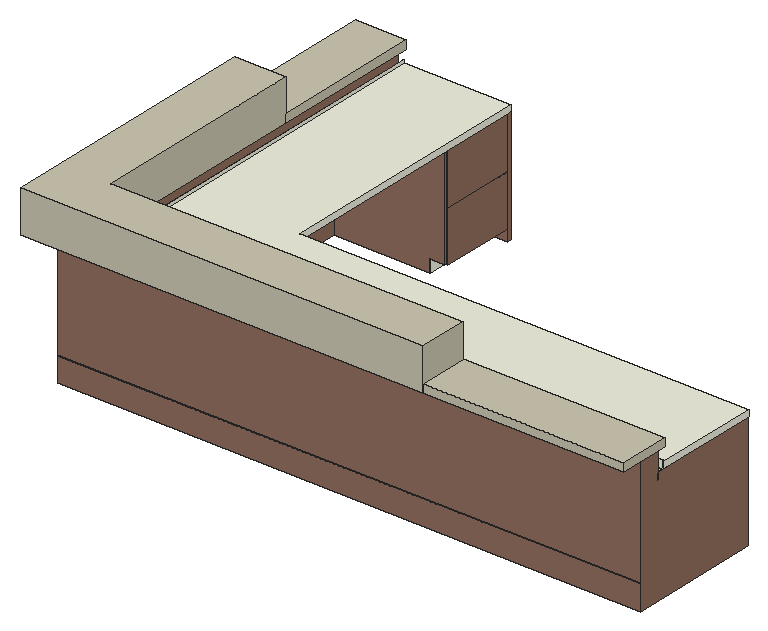
Revit family
Parameters
  Worksurface Top [instance] = Metal_StainlessSteel
  Wood Face (Casing) [instance] = Wood_Walnut (Reception Desk)
  Transaction Top [instance] = Stone_Limestone
  Reveal Ht. = 0' - 0 1/8"
  Length [instance] = 11' - 5"
  Depth [instance] = 7' - 9"
  Brackets = Metal_StainlessSteel
  Base Finish [instance] = Metal_StainlessSteel
Reference planes (in)
  plane 1: z = 0
  plane 2: y = -65
  plane 3: x = -60
  plane 4: y = -35
  plane 5: x = 77
  plane 6: x = 29
  plane 7: x = -30
  plane 8: y = -8
  plane 9: y = 28
  plane 10: z = 34
  plane 11: z = 42
  plane 12 "Reveal": z = 6
  plane 13: z = 38
  plane 14: z = 32
  plane 15: x = -55
  plane 16: y = -60
  plane 17: y = -72
  plane 18: x = -67
  plane 19: y = -55
  plane 20: x = -62
  plane 21: x = -57
  plane 22: y = -67
  plane 23: y = -62
  plane 24: x = 47
  plane 25: x = 76
  plane 26: y = 27
  plane 27: z = 29
  plane 28 "Grommet": z = 27.5
  plane 29: y = -60.5
  plane 30: x = -55.5
  plane 31: y = 9
Forms (in)
  Extrusion 1, solid, material "Stone_Limestone" <- "Transaction Top"
    sketch origin (0, 0, 0) x (1, 0, 0) y (0, 1, 0)
      loop
        line (29, -60) -> (29, -72) -> (77, -72) -> (77, -60) -> (29, -60)
      loop
        line (-67, -8) -> (-55, -8) -> (-55, 28) -> (-67, 28) -> (-67, -8)
    from 32 to 34
  Extrusion 2, solid, material "Stone_Limestone" <- "Transaction Top"
    sketch origin (0, 0, 0) x (1, 0, 0) y (0, 1, 0)
      loop
        line (-67, -8) -> (-67, -72) -> (29, -72) -> (29, -60) -> (-55, -60) -> (-55, -8) -> (-67, -8)
    from 32 to 42
  Extrusion 3, solid, material "Metal_StainlessSteel" <- "Worksurface Top"
    sketch origin (0, 0, 0) x (1, 0, 0) y (0, 1, 0)
      loop
        line (-30, 28) -> (-55.5, 28) -> (-55.5, -60.5) -> (77, -60.5) -> (77, -35) -> (-30, -35) -> (-30, 28)
    from 27.5 to 29
  Extrusion 4, solid, material "Wood_Walnut (Reception Desk)" <- "Wood Face (Casing)"
    sketch origin (0, 0, 0) x (1, 0, 0) y (0, 1, 0)
      loop
        line (-62, 28) -> (-62, -67) -> (77, -67) -> (77, -62) -> (-57, -62) -> (-57, 28) -> (-62, 28)
    from 0 to 32
  Sweep 5, void
    path origin (0, 0, 6) x (-1, 0, 0) y (0, -1, 0)
      loop
        line (-77, 67) -> (62, 67) -> (62, -28)
    profile origin (7.5, -67, 6) x (0, -1, 0) y (0, 0, 1)
      loop
        line (0, 0) -> (-0.125, 0) -> (-0.125, -0.125) -> (0, -0.125) -> (0, 0)
  Extrusion 6, solid, material "Wood_Walnut (Reception Desk)" <- "Wood Face (Casing)"
    sketch origin (0, 0, 6) x (-1, 0, 0) y (0, -1, 0)
      loop
        line (30, -27) -> (30, -28) -> (57, -28) -> (57, -27) -> (30, -27)
      loop
        line (-76, 35) -> (-76, 62) -> (-77, 62) -> (-77, 35) -> (-76, 35)
    from -6 to 21.5
  Sweep 7, solid, material "Metal_StainlessSteel" <- "Brackets"
    path origin (0, 0, 27.5) x (-1, 0, 0) y (0, -1, 0)
      loop
        line (-77, 62) -> (57, 62) -> (57, -28)
    profile origin (10, -62, 27.5) x (0, -1, 0) y (0, 0, 1)
      loop
        line (0, -1.5) -> (0, 0.125) -> (-1.375, 0.125) -> (-1.375, 2) -> (-1.5, 2) -> (-1.5, 0) -> (-0.125, 0) -> (-0.125, -1.5) -> (0, -1.5)
Cuts and joins
  Sweep 5 cuts Extrusion 4
  joined: Extrusion 4, Extrusion 6
Dimensions and locks (in)
  locked: plane 3 to plane 7 at 30
  locked: plane 2 to plane 4 at 30
  "Depth": plane 2 to plane 9
  "Length": plane 3 to plane 5
  locked: plane 2 to plane 8 at 57
  locked: plane 3 to plane 6 at 89
  plane 17 to plane 2 to plane 16 = 0' - 7" locked, 0' - 5" locked
  plane 18 to plane 3 to plane 15 = 0' - 7" locked, 0' - 5" locked
  locked: plane 19 to plane 16 at 5
  plane 18 to plane 20 to plane 21 = 0' - 5" locked, 0' - 5" locked
  plane 23 to plane 22 to plane 17 = 0' - 5" locked, 0' - 5" locked
  "Reveal Ht.": profile plane to Sweep 5 sketch curve
  "Reveal Ht.": Sweep 5 sketch curve to profile plane
  locked: plane 25 to plane 5 at 1
  locked: plane 26 to plane 9 at 1
  plane 11 to plane 13 to plane 10 to plane 14 to plane 27 to plane 28 "Grommet" to level = 0' - 4" locked, 0' - 4" locked, 0' - 2" locked, 0' - 3" locked, 0' - 1 1/2" locked, 2' - 3 1/2" locked
  Sweep 7 sketch curve to Sweep 7 sketch curve to plane 23 = 0' - 0 1/8" locked, 0' - 1 3/8" locked
  Sweep 7 sketch curve to profile plane to Sweep 7 sketch curve to Sweep 7 sketch curve = 0' - 1 1/2" locked, 0' - 0 1/8" locked, 0' - 1 7/8" locked
  locked: plane 31 to plane 26 at 18
  locked: plane 6 to plane 24 at 18
  aligned and locked: Extrusion 1 to plane 10
  aligned and locked: Extrusion 1 to plane 14
  aligned and locked: Extrusion 2 to plane 11
  aligned and locked: Extrusion 2 to plane 14
  aligned and locked: Extrusion 4 to plane 14
  aligned and locked: Extrusion 4 to level
  aligned and locked: Extrusion 6 to level
  aligned and locked: nested 1 to plane 24
  aligned and locked: nested 1 to plane 4
  aligned and locked: nested 2 to plane 25
  aligned and locked: nested 2 to plane 24
  aligned and locked: Extrusion 3 to plane 27
  aligned and locked: Extrusion 3 to plane 28 "Grommet"
  aligned and locked: Extrusion 6 to plane 28 "Grommet"
  aligned and locked: Sweep 7 sketch curve to plane 28 "Grommet"
  aligned and locked: plane 23 to Sweep 7 sketch curve
  aligned and locked: Extrusion 3 to plane 30
  aligned and locked: plane 29 to Extrusion 3
  aligned and locked: plane 26 to nested 3
  aligned and locked: plane 31 to nested 3
Automatic sketch dimensions
  Extrusion 1 sketch curve to plane 9 = 0' - 0"
  Extrusion 1 sketch curve to plane 18 = 0' - 0"
  Extrusion 1 sketch curve to plane 15 = 0' - 0"
  Extrusion 1 sketch curve to plane 6 = 0' - 0"
  Extrusion 1 sketch curve to plane 5 = 0' - 0"
  Extrusion 1 sketch curve to plane 17 = 0' - 0"
  Extrusion 1 sketch curve to plane 16 = 0' - 0"
  Extrusion 1 sketch curve to plane 8 = 0' - 0"
  Extrusion 2 sketch curve to plane 8 = 0' - 0"
  Extrusion 2 sketch curve to plane 18 = 0' - 0"
  Extrusion 2 sketch curve to plane 15 = 0' - 0"
  Extrusion 2 sketch curve to plane 6 = 0' - 0"
  Extrusion 2 sketch curve to plane 17 = 0' - 0"
  Extrusion 2 sketch curve to plane 16 = 0' - 0"
  Extrusion 3 sketch curve to plane 15 = 0' - 0 1/2"
  Extrusion 3 sketch curve to plane 4 = 0' - 0"
  Extrusion 3 sketch curve to plane 7 = 0' - 0"
  Extrusion 3 sketch curve to plane 5 = 0' - 0"
  plane 16 to Extrusion 3 sketch curve = 0' - 0 1/2"
  Extrusion 3 sketch curve to plane 9 = 0' - 0"
  Extrusion 4 sketch curve to plane 20 = 0' - 0"
  Extrusion 4 sketch curve to plane 21 = 0' - 0"
  Extrusion 4 sketch curve to plane 5 = 0' - 0"
  Extrusion 4 sketch curve to plane 22 = 0' - 0"
  Extrusion 4 sketch curve to plane 23 = 0' - 0"
  Extrusion 4 sketch curve to plane 9 = 0' - 0"
  Sweep 5 sketch curve to plane 20 = 0' - 0"
  Sweep 5 sketch curve to plane 9 = 0' - 0"
  Sweep 5 sketch curve to plane 22 = 0' - 0"
  Sweep 5 sketch curve to plane 5 = 0' - 0"
  Sweep 5 sketch curve to plane 12 "Reveal" = 0' - 0"
  Sweep 5 sketch curve to profile plane = 0' - 0"
  Extrusion 6 sketch curve to plane 4 = 0' - 0"
  Extrusion 6 sketch curve to plane 5 = 0' - 0"
  Extrusion 6 sketch curve to plane 23 = 0' - 0"
  Extrusion 6 sketch curve to plane 25 = 0' - 0"
  Extrusion 6 sketch curve to plane 7 = 0' - 0"
  Extrusion 6 sketch curve to plane 9 = 0' - 0"
  Extrusion 6 sketch curve to plane 21 = 0' - 0"
  Extrusion 6 sketch curve to plane 26 = 0' - 0"
  profile plane to Sweep 7 sketch curve = 0' - 0 1/8"
  Sweep 7 sketch curve to plane 5 = 0' - 0"
  Sweep 7 sketch curve to plane 21 = 0' - 0"
  Sweep 7 sketch curve to plane 9 = 0' - 0"
  Sweep 7 sketch curve to plane 23 = 0' - 0"
Nested families (in)
  nested 1: "Base Cabinet - Two Drawer" at (38.7377, -62, 0) x (-1, 0, 0) z (0, 0, 1), type "Base Cabinet - Two Drawer"
    with built-in parameter 1001301 1' - 6", built-in parameter 1001300 2' - 3 1/2", Drawer Two Handle Visibility no, Drawer One Handle Visibility no, Drawer Cut yes, built-in parameter 1010003 2' - 3", Toe Height 0' - 3", Drawer One Height 1' - 0 1/4"
  nested 2: "Base Cabinet - Two Drawer" at (62.2377, -62, 0) x (-1, 0, 0) z (0, 0, 1), type "Base Cabinet - Two Drawer"
    with built-in parameter 1001301 2' - 5", built-in parameter 1001300 2' - 3 1/2", Drawer Two Handle Visibility no, Drawer One Handle Visibility no, Drawer Cut yes, built-in parameter 1010003 2' - 3", Toe Height 0' - 3", Drawer One Height 1' - 0 1/4"
  nested 3: "Base Cabinet - Two Drawer" at (-57, 17.2623, 0) x (0, 1, 0) z (0, 0, 1), type "Base Cabinet - Two Drawer"
    with built-in parameter 1001301 1' - 6", built-in parameter 1001300 2' - 3 1/2", Drawer Two Handle Visibility no, Drawer One Handle Visibility no, Drawer Cut yes, built-in parameter 1010003 2' - 3", Toe Height 0' - 3", Drawer One Height 1' - 0 1/4"
Definition of nested family "Base Cabinet - Two Drawer"
  Parameters
    Width [instance] = 1' - 8"
    URL = "www.revitcomponents.com"
    Toe Height = 0' - 6"
    Toe Depth = 0' - 4"
    Source = "www.revitcomponents.com"
    Model = ""
    Kick Plate (Base) = none
    Height [instance] = 2' - 10"
    Drawer One Handle Visibility [instance] = yes
    Handle Finish = none
    Drawer One Height = 1' - 2"
    Drawer Cut [instance] = yes
    Drawer Two Handle Visibility [instance] = yes
    Depth [instance] = 2' - 0"
    Cabinet Framing = none
    Cabinet Face Thickness = 0' - 0 1/2"
    Cabinet Face = none
  Reference planes (in)
    plane 1 "Back": y = 0
    plane 2: z = 0
    plane 3 "Center (Left/Right)": x = 0.7377
    plane 4 "Left": x = -9.2623
    plane 5 "Right": x = 10.7377
    plane 6 "Front": y = -24
    plane 7 "Top": z = 34
    plane 8: z = 6
    plane 9: y = -19.9375
    plane 10: z = 33.875
    plane 11: z = 33.25
    plane 12: x = -8.7623
    plane 13: x = 10.2377
    plane 14: z = 6.5
    plane 15: y = -23.5
    plane 16: y = -20
    plane 17: y = -0.75
    plane 18: y = -1
    plane 19: y = -2.5
    plane 20: y = -18.4375
    plane 21 "L handle": x = -7.7623
    plane 22 "R handle": x = 9.2377
    plane 23 "handle center": z = 32.375
    plane 24: x = -6.7623
    plane 25: x = 8.2377
    plane 26 "handle center (F/B)": y = -25.25
    plane 27: z = 20
    plane 28: z = 20.0625
    plane 29: z = 19.9375
    plane 30: z = 18.4375
    plane 31: x = -9.1998
    plane 32: x = 10.6752
  Forms (in)
    Extrusion 1, solid, material <- "Cabinet Framing"
      sketch origin (-9.2623, 0, 0) x (0, -1, 0) y (0, 0, 1)
        loop
          line (0, 0) -> (19.9375, 0) -> (19.9375, 6) -> (23.5, 6) -> (23.5, 34) -> (0, 34) -> (0, 0)
      from -0.5 to 0
    Extrusion 2, solid, material <- "Cabinet Framing"
      sketch origin (10.7377, 0, 0) x (0, -1, 0) y (0, 0, -1)
        loop
          line (0, 0) -> (0, -34) -> (23.5, -34) -> (23.5, -6) -> (19.9375, -6) -> (19.9375, 0) -> (0, 0)
      from -0.5 to 0
    Extrusion 3, solid, material <- "Kick Plate (Base)"
      sketch origin (-9.2623, 0, 0) x (0, -1, 0) y (0, 0, 1)
        loop
          line (20, 0) -> (20, 6) -> (19.9375, 6) -> (19.9375, 0) -> (20, 0)
      from -20 to 0
    Extrusion 4, solid, material <- "Cabinet Framing"
      sketch origin (-9.2623, 0, 0) x (0, -1, 0) y (0, 0, 1)
        loop
          line (0.75, 0) -> (0.75, 8) -> (0, 8) -> (0, 0) -> (0.75, 0)
        loop
          line (0, 34) -> (0, 30) -> (0.75, 30) -> (0.75, 34) -> (0, 34)
        loop
          line (1, 33.25) -> (4, 33.25) -> (4, 34) -> (1, 34) -> (1, 33.25)
        loop
          line (2.5, 0) -> (2.5, 6) -> (1, 6) -> (1, 0) -> (2.5, 0)
        loop
          line (19.9375, 0) -> (19.9375, 6) -> (18.4375, 6) -> (18.4375, 0) -> (19.9375, 0)
        loop
          line (23.5, 34) -> (22.50126, 34) -> (22.50126, 33.25) -> (23.5, 33.25) -> (23.5, 34)
      from -19.5 to -0.5
    Extrusion 5, solid, material <- "Cabinet Framing"
      sketch origin (-9.2623, 0, 0) x (0, -1, 0) y (0, 0, 1)
        loop
          line (1, 0) -> (1, 34) -> (0.75, 34) -> (0.75, 0) -> (1, 0)
      from -19.5 to -0.5
    Extrusion 6, solid, material <- "Cabinet Face"
      sketch origin (0, -24, 0) x (1, 0, 0) y (0, 0, 1)
        loop
          line (-9.1998, 20.0625) -> (10.6752, 20.0625) -> (10.6752, 33.875) -> (-9.1998, 33.875) -> (-9.1998, 20.0625)
      from -0.5 to 0
    Extrusion 7, solid, material <- "Cabinet Face"
      sketch origin (-9.2623, 0, 0) x (0, -1, 0) y (0, 0, 1)
        loop
          line (23.5, 6) -> (23.5, 6.5) -> (1, 6.5) -> (1, 6) -> (23.5, 6)
      from -19.5 to -0.5
    Sweep 8, solid, material <- "Handle Finish", visible <- "Drawer One Handle Visibility"
      path origin (0, -25.25, 0) x (0, 0, -1) y (-1, 0, 0)
        loop
          line (-32.375, -9.2377) -> (-32.375, 7.7623)
      profile origin (0.7377, -25.25, 32.375) x (0, 0, 1) y (0, 1, 0)
        loop
          circle (0, 0) r 0.25
    Extrusion 9, solid, material <- "Handle Finish", visible <- "Drawer One Handle Visibility"
      sketch origin (-7.7623, 0, 0) x (0, 0, -1) y (0, -1, 0)
        loop
          line (-32.59375, 24) -> (-32.15625, 24) -> (-32.15625, 25.25) -> (-32.59375, 25.25) -> (-32.59375, 24)
      from -1 to 0
    Extrusion 10, solid, material <- "Handle Finish", visible <- "Drawer One Handle Visibility"
      sketch origin (9.2377, 0, 0) x (0, 0, -1) y (0, 1, 0)
        loop
          line (-32.59375, -24) -> (-32.59375, -25.25) -> (-32.15625, -25.25) -> (-32.15625, -24) -> (-32.59375, -24)
      from -1 to 0
    Extrusion 11, solid, material <- "Cabinet Face"
      sketch origin (0, -24, 56) x (1, 0, 0) y (0, 0, 1)
        loop
          line (-9.1998, -36.0625) -> (-9.1998, -50) -> (10.6752, -50) -> (10.6752, -36.0625) -> (-9.1998, -36.0625)
      from -0.5 to 0
    Sweep 12, solid, material <- "Handle Finish", visible <- "Drawer Two Handle Visibility"
      path origin (0, -25.25, -5.9375) x (0, 0, -1) y (-1, 0, 0)
        loop
          line (-24.375, -9.2377) -> (-24.375, 7.7623)
      profile origin (0.7377, -25.25, 18.4375) x (0, 0, 1) y (0, 1, 0)
        loop
          circle (0, 0) r 0.25
    Extrusion 13, solid, material <- "Handle Finish", visible <- "Drawer Two Handle Visibility"
      sketch origin (-7.7623, 0, -5.9375) x (0, 0, -1) y (0, -1, 0)
        loop
          line (-24.59375, 24) -> (-24.15625, 24) -> (-24.15625, 25.25) -> (-24.59375, 25.25) -> (-24.59375, 24)
      from -1 to 0
    Extrusion 14, solid, material <- "Handle Finish", visible <- "Drawer Two Handle Visibility"
      sketch origin (9.2377, 0, -5.9375) x (0, 0, -1) y (0, 1, 0)
        loop
          line (-24.59375, -24) -> (-24.59375, -25.25) -> (-24.15625, -25.25) -> (-24.15625, -24) -> (-24.59375, -24)
      from -1 to 0
  Cuts and joins
    joined: Extrusion 1, Extrusion 2, Extrusion 4
    joined: Sweep 8, Extrusion 9, Extrusion 10
    joined: Sweep 12, Extrusion 13, Extrusion 14
  Lines and regions (in)
    symbolic lines, style "Casework", visible <- "Drawer Cut"
      curve 1: line (0.7377, -23.5, 20.3125) -> (0.7377, -2.5, 20.3125)
      curve 2: line (0.7377, -2.5, 20.3125) -> (0.7377, -2.5, 32.375)
      curve 3: line (0.7377, -2.5, 32.375) -> (0.7377, -23.5, 32.375)
      curve 4: line (0.7377, -2.75, 32.375) -> (0.7377, -2.75, 20.5625)
      curve 5: line (0.7377, -2.75, 20.5625) -> (0.7377, -23.5, 20.5625)
      curve 6: line (0.7377, -23.5, 7) -> (0.7377, -2.5, 7)
      curve 7: line (0.7377, -2.5, 7) -> (0.7377, -2.5, 18.4375)
      curve 8: line (0.7377, -2.5, 18.4375) -> (0.7377, -23.5, 18.4375)
      curve 9: line (0.7377, -2.75, 18.4375) -> (0.7377, -2.75, 7.25)
      curve 10: line (0.7377, -2.75, 7.25) -> (0.7377, -23.5, 7.25)
  Dimensions and locks (in)
    "Depth": plane 6 "Front" to plane 1 "Back"
    "Width": plane 4 "Left" to plane 5 "Right"
    equal spacing: plane 4 "Left", plane 3 "Center (Left/Right)", plane 5 "Right"
    "Height": level to plane 7 "Top"
    "Toe Height": plane 8 to level
    "Cabinet Face Thickness": plane 15 to plane 6 "Front"
    locked: plane 4 "Left" to plane 12 at 0.5
    locked: plane 5 "Right" to plane 13 at 0.5
    locked: plane 14 to plane 8 at 0.5
    "Toe Depth": plane 16 to plane 6 "Front"
    locked: plane 9 to plane 16 at 0.0625
    locked: plane 8 to Extrusion 4 sketch curve at 2
    locked: plane 7 "Top" to Extrusion 4 sketch curve at 4
    locked: plane 18 to Extrusion 4 sketch curve at 3
    locked: Extrusion 4 sketch curve to plane 15 at 0.99874
    locked: plane 7 "Top" to plane 11 at 0.75
    locked: plane 7 "Top" to plane 10 at 0.125
    locked: plane 20 to plane 9 at 1.5
    locked: plane 18 to plane 19 at 1.5
    locked: plane 1 "Back" to plane 17 at 0.75
    locked: plane 17 to plane 18 at 0.25
    locked: plane 4 "Left" to plane 21 "L handle" at 1.5
    locked: plane 5 "Right" to plane 22 "R handle" at 1.5
    locked: plane 10 to plane 23 "handle center" at 1.5
    locked: plane 21 "L handle" to plane 24 at 1
    locked: plane 22 "R handle" to plane 25 at 1
    locked: plane 6 "Front" to plane 26 "handle center (F/B)" at 1.25
    Extrusion 9 sketch curve to plane 23 "handle center" to Extrusion 9 sketch curve = 0' - 0 7/32" locked, 0' - 0 7/32" locked
    Extrusion 10 sketch curve to Extrusion 10 sketch curve = 0' - 0 7/16"
    "Drawer One Height": plane 7 "Top" to plane 27
    plane 28 to plane 27 to plane 29 = 0' - 0 1/16" locked, 0' - 0 1/16" locked
    Extrusion 13 sketch curve to plane 30 to Extrusion 13 sketch curve = 0' - 0 7/32" locked, 0' - 0 7/32" locked
    Extrusion 14 sketch curve to Extrusion 14 sketch curve = 0' - 0 7/16"
    locked: plane 29 to plane 30 at 1.5
    locked: plane 28 to curve 1 at 0.25
    locked: curve 1 to curve 5 at 0.25
    locked: plane 19 to curve 4 at 0.25
    locked: plane 31 to plane 4 "Left" at 0.0625
    locked: plane 32 to plane 5 "Right" at 0.0625
    locked: curve 6 to curve 10 at 0.25
    locked: plane 19 to curve 9 at 0.25
    locked: curve 6 to plane 14 at 0.5
    plane 27 to plane 8 = 1' - 2"
    radius of Sweep 8 sketch curve = 0' - 0 1/4"
    radius of Sweep 12 sketch curve = 0' - 0 1/4"
    aligned and locked: level to Extrusion 1 sketch curve
    aligned and locked: plane 1 "Back" to Extrusion 1 sketch curve
    aligned and locked: plane 7 "Top" to Extrusion 1 sketch curve
    aligned and locked: plane 15 to Extrusion 1 sketch curve
    aligned and locked: plane 8 to Extrusion 1 sketch curve
    aligned and locked: plane 9 to Extrusion 1 sketch curve
    aligned and locked: Extrusion 1 to plane 12
    aligned and locked: plane 4 "Left" to Extrusion 1
    aligned and locked: Extrusion 2 to plane 5 "Right"
    aligned and locked: Extrusion 2 to plane 13
    aligned and locked: plane 16 to Extrusion 3 sketch curve
    aligned and locked: Extrusion 3 sketch curve to plane 8
    aligned and locked: Extrusion 3 sketch curve to plane 9
    aligned and locked: level to Extrusion 3 sketch curve
    aligned and locked: Extrusion 3 to plane 5 "Right"
    aligned and locked: plane 4 "Left" to Extrusion 3
    aligned and locked: plane 17 to Extrusion 4 sketch curve  (x2)
    aligned and locked: plane 1 "Back" to Extrusion 4 sketch curve  (x2)
    aligned and locked: level to Extrusion 4 sketch curve  (x2)
    aligned and locked: plane 13 to Extrusion 4
    aligned and locked: plane 12 to Extrusion 4
    aligned and locked: plane 7 "Top" to Extrusion 4 sketch curve
    aligned and locked: plane 11 to Extrusion 4 sketch curve  (x2)
    aligned and locked: Extrusion 4 sketch curve to plane 7 "Top"  (x2)
    aligned and locked: plane 18 to Extrusion 4 sketch curve
    aligned and locked: Extrusion 4 sketch curve to plane 18
    aligned and locked: Extrusion 4 sketch curve to plane 8
    aligned and locked: plane 19 to Extrusion 4 sketch curve
    aligned and locked: Extrusion 4 sketch curve to Extrusion 1
    aligned and locked: plane 8 to Extrusion 4 sketch curve
    aligned and locked: Extrusion 4 sketch curve to plane 20
    aligned and locked: plane 9 to Extrusion 4 sketch curve
    aligned and locked: Extrusion 4 sketch curve to plane 15
    aligned and locked: Extrusion 4 to Extrusion 5 sketch curve
    aligned and locked: Extrusion 5 sketch curve to Extrusion 4  (x3)
    aligned and locked: plane 13 to Extrusion 5
    aligned and locked: plane 12 to Extrusion 5
    aligned and locked: plane 10 to Extrusion 6 sketch curve
    aligned and locked: plane 15 to Extrusion 6
    aligned and locked: plane 6 "Front" to Extrusion 6
    aligned and locked: Extrusion 7 sketch curve to cut or joined group of Extrusion 1, Extrusion 2, Extrusion 4  (x2)
    aligned and locked: plane 14 to Extrusion 7 sketch curve
    aligned and locked: Extrusion 7 sketch curve to plane 18
    aligned and locked: plane 13 to Extrusion 7
    aligned and locked: plane 12 to Extrusion 7
    aligned and locked: Extrusion 4 to plane 9
    aligned and locked: plane 9 to Extrusion 3
    aligned and locked: Extrusion 9 sketch curve to plane 26 "handle center (F/B)"
    aligned and locked: Extrusion 9 sketch curve to plane 6 "Front"
    aligned and locked: plane 22 "R handle" to Sweep 8 sketch curve
    aligned and locked: plane 21 "L handle" to Sweep 8 sketch curve
    aligned and locked: Sweep 8 sketch curve to plane 23 "handle center"
    aligned and locked: Extrusion 9 to plane 24
    aligned and locked: plane 21 "L handle" to Extrusion 9
    aligned and locked: Extrusion 10 to cut or joined group of Sweep 8, Extrusion 9, Extrusion 10
    aligned and locked: Extrusion 10 to plane 25
    aligned and locked: plane 22 "R handle" to Extrusion 10
    aligned and locked: Extrusion 10 to plane 6 "Front"
    aligned and locked: Extrusion 10 to plane 26 "handle center (F/B)"
    aligned and locked: plane 28 to Extrusion 6 sketch curve
    aligned and locked: plane 8 to Extrusion 11 sketch curve
    aligned and locked: Extrusion 11 sketch curve to plane 29
    aligned and locked: plane 6 "Front" to Extrusion 11
    aligned and locked: plane 15 to Extrusion 11
    aligned and locked: Sweep 12 sketch curve to plane 30
    aligned and locked: Extrusion 13 to plane 24
    aligned and locked: plane 21 "L handle" to Extrusion 13
    aligned and locked: Extrusion 14 to plane 22 "R handle"
    aligned and locked: plane 25 to Extrusion 14
    aligned and locked: Extrusion 14 to cut or joined group of Sweep 12, Extrusion 13, Extrusion 14
    aligned and locked: cut or joined group of Sweep 12, Extrusion 13, Extrusion 14 to Extrusion 14
    aligned and locked: Extrusion 14 to Extrusion 13
    aligned and locked: plane 19 to curve 2
    aligned and locked: plane 23 "handle center" to curve 3
    aligned and locked: Extrusion 6 sketch curve to plane 32
    aligned and locked: Extrusion 6 sketch curve to plane 31
    aligned and locked: plane 32 to Extrusion 11 sketch curve
    aligned and locked: plane 31 to Extrusion 11 sketch curve
    aligned and locked: plane 30 to curve 8
  Automatic sketch dimensions
    Extrusion 2 sketch curve to level = 0' - 0"
    Extrusion 2 sketch curve to plane 1 "Back" = 0' - 0"
    Extrusion 2 sketch curve to plane 9 = 0' - 0"
    Extrusion 2 sketch curve to plane 7 "Top" = 0' - 0"
    Extrusion 2 sketch curve to plane 15 = 0' - 0"
    Extrusion 2 sketch curve to plane 8 = 0' - 0"
    Sweep 8 sketch curve to plane 26 "handle center (F/B)" = 0' - 0"
    Sweep 8 sketch curve to profile plane = 0' - 0"
    Extrusion 10 sketch curve to plane 26 "handle center (F/B)" = 0' - 0"
    Extrusion 10 sketch curve to plane 6 "Front" = 0' - 0"
    plane 23 "handle center" to Extrusion 10 sketch curve = 0' - 0 7/32"
    Sweep 12 sketch curve to plane 22 "R handle" = 0' - 0"
    Sweep 12 sketch curve to plane 21 "L handle" = 0' - 0"
    Sweep 12 sketch curve to plane 26 "handle center (F/B)" = 0' - 0"
    Sweep 12 sketch curve to profile plane = 0' - 0"
    Extrusion 13 sketch curve to plane 6 "Front" = 0' - 0"
    Extrusion 13 sketch curve to plane 26 "handle center (F/B)" = 0' - 0"
    Extrusion 14 sketch curve to plane 26 "handle center (F/B)" = 0' - 0"
    Extrusion 14 sketch curve to plane 6 "Front" = 0' - 0"
    plane 30 to Extrusion 14 sketch curve = 0' - 0 7/32"
    curve 1 to plane 15 = 0' - 0"
    curve 8 to plane 15 = 0' - 0"
    curve 6 to plane 15 = 0' - 0"
    curve 5 to plane 15 = 0' - 0"
    curve 3 to plane 15 = 0' - 0"
    curve 10 to plane 15 = 0' - 0"
    curve 7 to plane 19 = 0' - 0"
